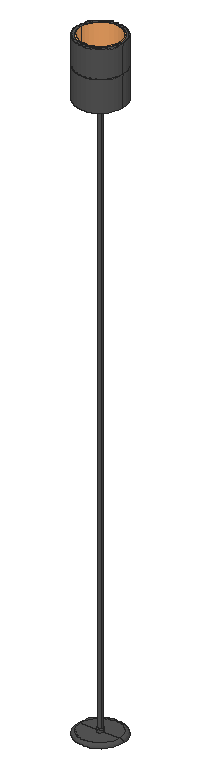
Revit family "MELO CYLINDER PENDANT LIGHT", category Lighting Fixtures, host Face, Revit 2020 (continued)
Types (16): name | Wattage_Input | Wattage Comments | Wattage | Voltage_Input | Size 08 | Size 06 | Size 04 | Selectable Wattage | Photometric Web File | Pendent Rod Length_1 | Pendent | Order number | built-in parameter 1150142 | Model | built-in parameter 1150105 | Lumens | built-in parameter 1150106 | Fixture Diameter | Canopy for Surface Mount J-box | Canopy for Recessed J-Box | Canopy Height | C2 H | C1 H | BEAMING ANGLE
  MELO08R-SP30801-10D-15-GD-BK | 58 W | "58W/44W/29W" | 40.3926 W | 0 V | yes | no | no | 58 W | "MELO08R_SP30801_10D_15.IES" | 4' - 0" | yes | "17299" | "IESNA:LM-63-2002\r\n[TEST] \r\n[TESTLAB] EVERFINE\r\n[TESTDATE] 2023-03-20\r\n[ISSUEDATE] 2023-03-21 15:58:32\r\n[NEARFIELD] \r\n[LAMPPOSITION] 0,0\r\n[OTHER] EVERFINE GO-2000B_V1 SYSTEM\r\n[MANUFAC] Aboveall lighting\r\n[LUMINAIRE] MELO08R-SP30801-10D-15\r\n[OTHER] \r\n[OTHER] Gamma(deg)    Fz(lm)      Ft(lm)     %Lum    %Lamp\r\n[OTHER]   0- 10      3335.55     3335.55    60.47    60.47\r\n[OTHER]  10- 20      1208.09     4543.63    82.37    82.37\r\n[OTHER]  20- 30       491.41     5035.04    91.27    91.27\r\n[OTHER]  30- 40       278.28     5313.32    96.32    96.32\r\n[OTHER]  40- 50        88.69     5402.01    97.93    97.93\r\n[OTHER]  50- 60        47.34     5449.35    98.78    98.78\r\n[OTHER]  60- 70        31.25     5480.60    99.35    99.35\r\n[OTHER]  70- 80        15.86     5496.46    99.64    99.64\r\n[OTHER]  80- 90         4.34     5500.79    99.72    99.72\r\n[OTHER]  90-100         0.16     5500.96    99.72    99.72\r\n[OTHER] 100-110         0.18     5501.14    99.72    99.72\r\n[OTHER] 110-120         0.24     5501.38    99.73    99.73\r\n[OTHER] 120-130         0.37     5501.75    99.73    99.73\r\n[OTHER] 130-140         0.66     5502.41    99.75    99.75\r\n[OTHER] 140-150         1.17     5503.58    99.77    99.77\r\n[OTHER] 150-160         3.39     5506.97    99.83    99.83\r\n[OTHER] 160-170         6.85     5513.81    99.95    99.95\r\n[OTHER] 170-180         2.63     5516.44   100.00   100.00\r\n[OTHER] \r\nTILT=NONE\r\n1 -1 1 181 25 1 2 -0.185 -0.185 0.000\r\n1.000 1 63.0\r\n0.0    1.0    2.0    3.0    4.0    5.0    6.0    7.0    8.0    9.0    \r\n 10.0   11.0   12.0   13.0   14.0   15.0   16.0   17.0   18.0   19.0   \r\n 20.0   21.0   22.0   23.0   24.0   25.0   26.0   27.0   28.0   29.0   \r\n 30.0   31.0   32.0   33.0   34.0   35.0   36.0   37.0   38.0   39.0   \r\n 40.0   41.0   42.0   43.0   44.0   45.0   46.0   47.0   48.0   49.0   \r\n 50.0   51.0   52.0   53.0   54.0   55.0   56.0   57.0   58.0   59.0   \r\n 60.0   61.0   62.0   63.0   64.0   65.0   66.0   67.0   68.0   69.0   \r\n 70.0   71.0   72.0   73.0   74.0   75.0   76.0   77.0   78.0   79.0   \r\n 80.0   81.0   82.0   83.0   84.0   85.0   86.0   87.0   88.0   89.0   \r\n 90.0   91.0   92.0   93.0   94.0   95.0   96.0   97.0   98.0   99.0   \r\n 100.0  101.0  102.0  103.0  104.0  105.0  106.0  107.0  108.0  109.0  \r\n 110.0  111.0  112.0  113.0  114.0  115.0  116.0  117.0  118.0  119.0  \r\n 120.0  121.0  122.0  123.0  124.0  125.0  126.0  127.0  128.0  129.0  \r\n 130.0  131.0  132.0  133.0  134.0  135.0  136.0  137.0  138.0  139.0  \r\n 140.0  141.0  142.0  143.0  144.0  145.0  146.0  147.0  148.0  149.0  \r\n 150.0  151.0  152.0  153.0  154.0  155.0  156.0  157.0  158.0  159.0  \r\n 160.0  161.0  162.0  163.0  164.0  165.0  166.0  167.0  168.0  169.0  \r\n 170.0  171.0  172.0  173.0  174.0  175.0  176.0  177.0  178.0  179.0  \r\n 180.0  \r\n0.0    15.0   30.0   45.0   60.0   75.0   90.0   105.0  120.0  135.0  \r\n 150.0  165.0  180.0  195.0  210.0  225.0  240.0  255.0  270.0  285.0  \r\n 300.0  315.0  330.0  345.0  360.0  \r\n74818.13 69774.28 62166.01 53951.87 44782.84 35416.54 26673.97 19809.86 14414.94 11161.12 \r\n 7932.61  6109.28  4815.41  3881.35  3182.42  2662.39  2283.67  1991.49  1769.69  1593.26  \r\n 1445.48  1327.35  1209.57  1112.31  1030.61  952.65   877.78   806.61   730.25   672.74   \r\n 621.98   577.92   529.76   464.80   422.83   381.31   347.24   316.56   287.93   226.30   \r\n 166.83   139.05   111.67   100.27   93.19    88.10    84.15    80.20    74.62    65.40    \r\n 60.40    57.50    55.49    53.81    52.20    50.69    48.95    46.40    44.03    41.25    \r\n 39.11    37.03    34.93    32.89    30.90    28.96    27.09    25.26    23.51    21.84    \r\n 20.24    18.68    17.19    15.78    14.40    13.09    11.83    10.62    9.46     8.35     \r\n 7.28     6.28     5.32     4.36     3.47     2.58     1.75     0.98     0.27     0.17     \r\n 0.16     0.16     0.16     0.16     0.16     0.16     0.16     0.16     0.16     0.16     \r\n 0.16     0.16     0.17     0.18     0.20     0.20     0.21     0.21     0.22     0.22     \r\n 0.22     0.22     0.23     0.24     0.25     0.30     0.31     0.32     0.31     0.31     \r\n 0.32     0.39     0.39     0.40     0.45     0.45     0.49     0.52     0.58     0.60     \r\n 0.66     0.71     0.76     0.82     0.91     0.95     1.04     1.10     1.18     1.27     \r\n 1.37     1.47     1.59     1.71     1.85     2.02     2.22     2.47     2.77     3.16     \r\n 3.67     4.31     5.23     6.58     7.90     9.26     11.12    13.01    14.94    17.11    \r\n 19.29    21.43    23.46    25.27    26.77    28.04    29.04    29.70    30.01    30.03    \r\n 29.69    29.01    28.09    27.01    25.84    24.76    23.75    22.95    22.46    22.36    \r\n 22.70    \r\n75020.27 70938.84 64190.24 56234.70 47558.86 38176.75 30034.43 21915.14 16100.80 11835.86 \r\n 8813.51  6751.92  5302.70  4260.14  3489.95  2904.21  2475.71  2135.01  1883.16  1682.78  \r\n 1521.19  1383.40  1268.48  1164.42  1076.46  995.01   915.95   842.25   758.10   695.52   \r\n 642.55   594.42   549.86   483.78   436.59   394.73   360.14   327.23   288.65   249.79   \r\n 182.47   140.57   116.39   102.83   94.59    89.02    84.97    81.27    76.89    67.31    \r\n 61.41    58.22    55.89    54.16    52.57    51.11    49.48    47.18    44.40    42.02    \r\n 39.58    37.52    35.40    33.36    31.32    29.45    27.58    25.75    24.01    22.31    \r\n 20.68    19.12    17.62    16.14    14.79    13.44    12.17    10.96    9.77     8.66     \r\n 7.56     6.55     5.59     4.66     3.74     2.86     2.04     1.24     0.49     0.11     \r\n 0.12     0.12     0.13     0.13     0.13     0.14     0.14     0.14     0.15     0.15     \r\n 0.16     0.17     0.17     0.18     0.18     0.19     0.20     0.20     0.20     0.21     \r\n 0.22     0.22     0.23     0.24     0.24     0.26     0.27     0.28     0.29     0.30     \r\n 0.32     0.34     0.36     0.38     0.41     0.44     0.48     0.51     0.55     0.58     \r\n 0.64     0.69     0.74     0.80     0.86     0.93     1.00     1.07     1.16     1.24     \r\n 1.34     1.44     1.55     1.67     1.80     1.96     2.14     2.36     2.63     2.97     \r\n 3.40     3.96     4.72     5.71     6.92     8.36     10.11    12.00    14.06    16.21    \r\n 18.40    20.59    22.64    24.52    26.18    27.58    28.63    29.43    29.90    30.00    \r\n 29.84    29.36    28.60    27.62    26.53    25.40    24.34    23.44    22.85    22.67    \r\n 22.70    \r\n74728.99 71313.45 65165.93 57605.61 49132.77 40041.20 30941.85 23338.91 17121.99 13263.51 \r\n 9432.94  7195.94  5626.98  4510.35  3679.57  3055.42  2589.07  2220.89  1948.05  1734.00  \r\n 1562.82  1422.13  1308.98  1196.15  1101.24  1016.41  934.65   860.56   775.51   708.43   \r\n 652.22   603.36   558.71   498.07   445.34   404.68   368.48   335.94   305.97   270.66   \r\n 198.55   150.31   121.66   105.87   96.57    90.42    86.10    82.22    78.24    69.76    \r\n 62.78    58.99    56.57    54.64    52.89    51.27    49.58    47.37    44.45    42.37    \r\n 39.92    37.85    35.76    33.72    31.72    29.77    27.90    26.03    24.28    22.58    \r\n 20.97    19.40    17.88    16.45    15.06    13.73    12.44    11.22    10.04    8.92     \r\n 7.84     6.79     5.82     4.87     3.95     3.05     2.20     1.41     0.65     0.18     \r\n 0.16     0.16     0.16     0.16     0.16     0.16     0.16     0.16     0.16     0.16     \r\n 0.16     0.16     0.16     0.17     0.17     0.20     0.22     0.22     0.22     0.22     \r\n 0.22     0.22     0.22     0.23     0.24     0.26     0.26     0.28     0.29     0.29     \r\n 0.30     0.35     0.38     0.38     0.38     0.42     0.44     0.50     0.53     0.57     \r\n 0.61     0.66     0.72     0.77     0.83     0.89     0.96     1.04     1.11     1.20     \r\n 1.29     1.38     1.48     1.59     1.71     1.86     2.02     2.23     2.47     2.78     \r\n 3.19     3.70     4.39     5.24     6.32     7.65     9.24     10.99    12.86    14.83    \r\n 16.83    18.84    20.78    22.51    24.01    25.28    26.27    27.00    27.49    27.69    \r\n 27.66    27.28    26.66    25.87    24.96    24.02    23.07    22.22    21.63    21.34    \r\n 22.70    \r\n69553.85 67551.10 63175.38 56774.33 49364.79 41145.55 33034.79 24941.21 18569.36 13799.41 \r\n 10261.78 7753.60  5976.13  4696.74  3770.00  3174.75  2581.47  2196.68  1917.30  1702.41  \r\n 1535.53  1394.84  1274.64  1168.53  1073.36  990.19   913.53   840.49   771.68   691.92   \r\n 634.26   585.99   542.74   500.90   438.71   397.81   361.85   330.09   300.78   259.95   \r\n 218.94   160.86   125.49   105.59   93.95    86.90    82.01    78.34    74.88    70.36    \r\n 61.51    56.46    53.46    51.38    49.78    48.22    46.72    44.82    42.28    39.88    \r\n 37.86    35.97    34.03    32.11    30.26    28.45    26.66    24.95    23.30    21.69    \r\n 20.15    18.66    17.24    15.85    14.57    13.27    12.06    10.92    9.79     8.74     \r\n 7.69     6.74     5.81     4.93     4.05     3.22     2.43     1.67     0.95     0.26     \r\n 0.10     0.11     0.11     0.11     0.12     0.12     0.12     0.13     0.13     0.14     \r\n 0.14     0.14     0.14     0.14     0.13     0.17     0.18     0.18     0.18     0.18     \r\n 0.20     0.20     0.21     0.22     0.23     0.23     0.25     0.25     0.26     0.27     \r\n 0.28     0.30     0.32     0.34     0.36     0.40     0.41     0.44     0.48     0.51     \r\n 0.56     0.60     0.64     0.70     0.75     0.81     0.87     0.94     1.01     1.09     \r\n 1.17     1.25     1.34     1.46     1.56     1.70     1.83     2.01     2.22     2.48     \r\n 2.81     3.24     3.80     4.55     5.51     6.65     8.05     9.67     11.52    13.44    \r\n 15.45    17.48    19.43    21.31    23.03    24.53    25.73    26.69    27.40    27.81    \r\n 27.86    27.66    27.17    26.51    25.70    24.77    23.80    22.94    22.26    21.77    \r\n 22.70    \r\n69569.05 68377.14 64839.31 59157.16 52110.41 44182.55 35379.40 27433.57 20445.55 15252.72 \r\n 11873.79 8515.78  6481.32  5047.40  4004.06  3234.63  2680.23  2269.75  1971.11  1748.32  \r\n 1574.70  1429.30  1315.48  1202.02  1106.45  1020.80  940.96   868.31   799.15   717.73   \r\n 656.14   604.68   559.23   518.54   458.20   412.15   374.06   341.20   310.46   283.53   \r\n 242.66   177.90   144.60   111.68   97.70    89.36    83.83    79.82    76.21    72.36    \r\n 63.77    57.72    54.66    52.31    50.57    48.93    47.30    45.56    43.34    40.83    \r\n 38.64    36.64    34.73    32.79    30.89    29.03    27.21    25.48    23.82    22.19    \r\n 20.65    19.14    17.69    16.30    14.98    13.71    12.48    11.31    10.19    9.11     \r\n 8.07     7.08     6.13     5.20     4.32     3.47     2.68     1.90     1.18     0.48     \r\n 0.15     0.14     0.14     0.15     0.15     0.16     0.16     0.16     0.16     0.16     \r\n 0.16     0.16     0.16     0.16     0.16     0.16     0.16     0.17     0.18     0.21     \r\n 0.21     0.21     0.22     0.23     0.23     0.23     0.23     0.23     0.27     0.29     \r\n 0.29     0.29     0.29     0.31     0.37     0.37     0.38     0.43     0.45     0.53     \r\n 0.54     0.56     0.61     0.68     0.72     0.80     0.84     0.89     0.98     1.04     \r\n 1.12     1.20     1.29     1.41     1.51     1.64     1.77     1.94     2.15     2.39     \r\n 2.70     3.10     3.63     4.31     5.19     6.26     7.61     9.17     10.94    12.78    \r\n 14.80    16.80    18.83    20.78    22.54    24.10    25.42    26.53    27.35    27.85    \r\n 28.07    28.03    27.64    26.95    26.15    25.27    24.33    23.46    22.70    22.01    \r\n 22.70    \r\n69593.24 69537.20 67281.33 62650.37 56262.71 48823.01 40377.31 32309.04 24254.31 18015.91 \r\n 13297.32 9910.21  7492.42  5764.33  4528.98  3631.62  3054.13  2478.76  2121.65  1852.69  \r\n 1655.41  1495.53  1366.09  1253.67  1155.34  1067.39  987.20   912.52   842.91   770.56   \r\n 693.66   636.19   586.08   542.90   496.79   437.11   396.86   359.62   327.62   298.42   \r\n 253.87   209.24   153.96   121.90   103.32   92.41    85.64    80.99    77.48    74.05    \r\n 68.89    60.40    56.12    53.56    51.58    49.90    48.32    46.79    44.99    42.73    \r\n 40.40    37.74    35.66    33.76    31.83    30.01    28.17    26.39    24.70    23.04    \r\n 21.43    19.90    18.41    16.97    15.64    14.30    13.04    11.84    10.69    9.61     \r\n 8.52     7.52     6.57     5.66     4.76     3.90     3.08     2.29     1.55     0.82     \r\n 0.17     0.10     0.10     0.10     0.10     0.10     0.12     0.12     0.13     0.13     \r\n 0.13     0.14     0.15     0.15     0.16     0.16     0.17     0.17     0.19     0.19     \r\n 0.19     0.20     0.21     0.21     0.22     0.23     0.24     0.24     0.25     0.26     \r\n 0.27     0.29     0.31     0.32     0.34     0.37     0.39     0.42     0.45     0.48     \r\n 0.51     0.55     0.60     0.65     0.70     0.75     0.81     0.88     0.94     1.01     \r\n 1.09     1.17     1.26     1.36     1.46     1.57     1.71     1.85     2.03     2.24     \r\n 2.51     2.84     3.30     3.85     4.63     5.60     6.78     8.20     9.87     11.70    \r\n 13.64    15.68    17.70    19.66    21.52    23.25    24.74    25.94    26.92    27.63    \r\n 28.06    28.09    27.86    27.25    26.42    25.51    24.52    23.54    22.68    21.89    \r\n 22.70    \r\n75349.20 76262.49 74806.93 70790.47 64405.86 56684.28 47693.19 38402.72 30250.12 22122.24 \r\n 16355.31 12143.88 9146.29  7009.70  5469.07  4351.78  3528.02  2992.41  2459.30  2122.04  \r\n 1873.60  1684.86  1531.39  1402.31  1294.45  1195.13  1106.67  1024.36  949.51   873.66   \r\n 786.80   719.34   662.57   613.98   567.88   502.91   454.11   411.28   374.54   341.00   \r\n 309.99   249.80   189.79   145.77   120.27   105.69   96.71    90.60    86.42    82.65    \r\n 78.21    68.65    62.71    59.68    57.28    55.45    53.69    52.12    50.44    47.82    \r\n 45.09    42.48    39.92    37.81    35.70    33.60    31.56    29.62    27.75    25.91    \r\n 24.13    22.42    20.74    19.17    17.64    16.17    14.78    13.42    12.13    10.91    \r\n 9.74     8.60     7.53     6.49     5.52     4.60     3.68     2.80     1.96     1.16     \r\n 0.41     0.11     0.11     0.11     0.11     0.12     0.12     0.13     0.14     0.14     \r\n 0.14     0.14     0.15     0.16     0.16     0.17     0.18     0.18     0.19     0.19     \r\n 0.20     0.21     0.21     0.22     0.22     0.24     0.25     0.26     0.27     0.28     \r\n 0.29     0.30     0.32     0.34     0.36     0.39     0.41     0.43     0.48     0.51     \r\n 0.55     0.60     0.64     0.71     0.75     0.82     0.88     0.95     1.02     1.10     \r\n 1.19     1.28     1.38     1.48     1.59     1.71     1.83     1.99     2.15     2.37     \r\n 2.63     2.95     3.35     3.88     4.58     5.53     6.66     8.09     9.88     11.89    \r\n 14.15    16.54    19.05    21.52    23.91    26.03    27.91    29.44    30.49    31.19    \r\n 31.43    31.26    30.69    29.75    28.53    27.19    25.87    24.59    23.46    22.54    \r\n 22.70    \r\n75384.20 76883.76 76037.45 72588.09 66626.44 59139.16 50796.29 41301.12 32063.64 23987.10 \r\n 17710.17 13771.84 9853.53  7501.59  5817.16  4582.52  3675.18  2998.74  2514.27  2160.32  \r\n 1901.08  1701.43  1542.26  1409.29  1303.86  1198.66  1110.26  1027.98  955.52   881.17   \r\n 797.98   727.00   669.86   621.48   576.79   518.65   464.14   419.97   380.74   346.55   \r\n 315.11   277.36   203.23   153.31   123.29   106.99   97.33    90.88    86.45    82.68    \r\n 78.74    70.20    63.32    59.88    57.54    55.70    53.99    52.26    50.52    48.34    \r\n 45.36    43.18    40.38    38.27    36.14    34.06    32.01    30.06    28.14    26.28    \r\n 24.46    22.77    21.08    19.52    17.94    16.49    15.10    13.75    12.43    11.20    \r\n 10.03    8.90     7.83     6.74     5.76     4.83     3.86     3.00     2.07     1.28     \r\n 0.59     0.15     0.15     0.15     0.15     0.15     0.15     0.15     0.15     0.15    
